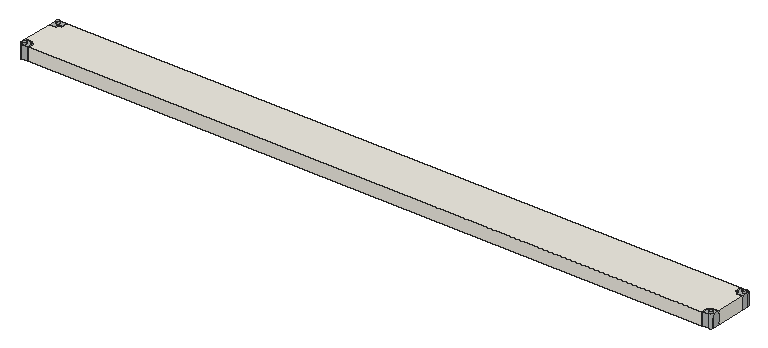
Revit family "HIGHTECH", category Осветительные приборы, Revit 2019 (continued)
Types (32, lengths in mm): name | Файл фотометрической сетки | built-in parameter 1150105 | Lumens | built-in parameter 1150106 | built-in parameter 1150142 | Wattage | Emit from Rectangle Width | Emit from Rectangle Length | Длина | Ширина | ADSK_Ток | ADSK_Полная мощность | ADSK_Обозначение | ADSK_Номинальная мощность | ADSK_Наименование | ADSK_Масса | ADSK_Код изделия
    8 0.098 0.000 0.000 0.000 0.000 \r\n1417.637 1417.044 1413.295 1407.474 1398.890 1388.135 1374.815 1358.437 1340.184 1319.661 1296.869 1271.808 1244.971 1216.258 1185.673 1153.507 1120.158 1085.131 \r\n1048.823 1011.329 973.046 933.284 893.127 851.884 810.741 768.314 725.888 683.165 639.752 596.240 552.728 509.019 465.902 422.686 379.371 337.044 295.505 254.757 215.388 176.909 \r\n138.232 103.698 70.942 40.157 12.136 0.592 0.592 0.592 0.493 0.493 0.493 0.493 0.493 0.493 0.493 0.395 0.395 0.395 0.395 0.395 0.395 0.395 0.395 0.296 0.296 0.296 0.296 0.296 0.296 0.296 0.296 0.197 \r\n0.197 0.197 0.197 0.197 0.197 0.197 0.197 0.098 0.098 0.098 0.098 0.098 0.098 0.098 0.098 0.000 0.000 0.000 0.000 \r\n1417.637 1416.946 1413.197 1407.376 1398.693 1387.839 1374.520 1358.042 1339.789 1319.168 1296.376 1271.315 1244.477 1215.765 1185.179 1152.915 1119.566 1084.539 \r\n1048.230 1010.638 972.356 932.594 892.436 851.194 810.050 767.623 725.197 682.474 639.160 595.649 552.038 508.427 465.310 422.094 378.878 336.550 295.111 254.362 214.895 176.514 \r\n137.935 103.403 70.744 39.960 11.939 0.592 0.592 0.592 0.493 0.493 0.493 0.493 0.493 0.493 0.493 0.395 0.395 0.395 0.395 0.395 0.395 0.395 0.395 0.296 0.296 0.296 0.296 0.296 0.296 0.296 0.296 0.197 \r\n0.197 0.197 0.197 0.197 0.197 0.197 0.197 0.098 0.098 0.098 0.098 0.098 0.098 0.098 0.098 0.000 0.000 0.000 0.000 \r\n1417.637 1416.946 1413.098 1407.178 1398.495 1387.544 1374.223 1357.747 1339.395 1318.773 1295.882 1270.822 1243.886 1215.174 1184.587 1152.323 1118.974 1083.848 \r\n1047.540 1009.947 971.665 931.903 891.746 850.503 809.359 766.933 724.507 681.784 638.470 594.958 551.445 507.836 464.718 421.502 378.287 336.057 294.617 253.967 214.500 176.119 \r\n137.640 103.106 70.447 39.762 11.741 0.592 0.592 0.592 0.493 0.493 0.493 0.493 0.493 0.493 0.493 0.395 0.395 0.395 0.395 0.395 0.395 0.395 0.395 0.296 0.296 0.296 0.296 0.296 0.296 0.296 0.296 0.197 \r\n0.197 0.197 0.197 0.197 0.197 0.197 0.197 0.098 0.098 0.098 0.098 0.098 0.098 0.098 0.098 0.000 0.000 0.000 0.000 \r\n1417.637 1416.848 1412.999 1407.079 1398.298 1387.247 1373.829 1357.352 1339.000 1318.378 1295.488 1270.327 1243.392 1214.680 1183.995 1151.731 1118.283 1083.257 \r\n1046.849 1009.257 970.975 931.113 891.055 849.813 808.668 766.242 723.914 681.093 637.779 594.266 550.755 507.145 464.126 421.009 377.793 335.564 294.222 253.474 214.105 175.823 \r\n137.343 102.810 70.250 39.467 11.445 0.592 0.592 0.592 0.493 0.493 0.493 0.493 0.493 0.493 0.493 0.395 0.395 0.395 0.395 0.395 0.395 0.395 0.395 0.296 0.296 0.296 0.296 0.296 0.296 0.296 0.296 0.197 \r\n0.197 0.197 0.197 0.197 0.197 0.197 0.197 0.098 0.098 0.098 0.098 0.098 0.098 0.098 0.098 0.000 0.000 0.000 0.000 \r\n1417.637 1416.848 1412.901 1406.882 1398.002 1387.051 1373.533 1356.957 1338.605 1317.983 1294.994 1269.834 1242.899 1214.089 1183.403 1151.041 1117.692 1082.665 \r\n1046.257 1008.566 970.284 930.423 890.266 849.121 807.978 765.552 723.224 680.403 637.187 593.675 550.163 506.553 463.534 420.416 377.300 335.071 293.729 253.079 213.712 175.429 \r\n136.949 102.515 69.954 39.269 11.248 0.592 0.592 0.592 0.493 0.493 0.493 0.493 0.493 0.493 0.493 0.395 0.395 0.395 0.395 0.395 0.395 0.395 0.395 0.296 0.296 0.296 0.296 0.296 0.296 0.296 0.296 0.197 \r\n0.197 0.197 0.197 0.197 0.197 0.197 0.197 0.098 0.098 0.098 0.098 0.098 0.098 0.098 0.098 0.000 0.000 0.000 0.000 \r\n1417.637 1416.749 1412.802 1406.684 1397.805 1386.754 1373.237 1356.661 1338.210 1317.589 1294.599 1269.341 1242.406 1213.496 1182.811 1150.448 1117.099 1081.974 \r\n1045.566 1007.974 969.593 929.732 889.575 848.333 807.287 764.861 722.533 679.712 636.496 592.985 549.472 505.960 462.942 419.825 376.707 334.577 293.236 252.684 213.317 175.034 \r\n136.652 102.218 69.659 39.072 11.051 0.592 0.592 0.592 0.493 0.493 0.493 0.493 0.493 0.493 0.493 0.395 0.395 0.395 0.395 0.395 0.395 0.395 0.395 0.296 0.296 0.296 0.296 0.296 0.296 0.296 0.296 0.197 \r\n0.197 0.197 0.197 0.197 0.197 0.197 0.197 0.098 0.098 0.098 0.098 0.098 0.098 0.098 0.098 0.000 0.000 0.000 0.000 \r\n1417.637 1416.749 1412.704 1406.586 1397.607 1386.458 1372.941 1356.266 1337.815 1317.095 1294.106 1268.848 1241.813 1213.003 1182.219 1149.856 1116.409 1081.382 \r\n1044.876 1007.283 968.902 929.042 888.885 847.642 806.597 764.170 721.843 679.120 635.806 592.293 548.881 505.368 462.351 419.332 376.214 334.084 292.841 252.191 212.922 174.738 \r\n136.357 101.922 69.461 38.776 10.853 0.592 0.592 0.592 0.493 0.493 0.493 0.493 0.493 0.493 0.493 0.395 0.395 0.395 0.395 0.395 0.395 0.395 0.395 0.296 0.296 0.296 0.296 0.296 0.296 0.296 0.296 0.197 \r\n0.197 0.197 0.197 0.197 0.197 0.197 0.197 0.098 0.098 0.098 0.098 0.098 0.098 0.098 0.098 0.000 0.000 0.000 0.000 \r\n1417.637 1416.650 1412.604 1406.389 1397.311 1386.162 1372.546 1355.871 1337.421 1316.701 1293.613 1268.355 1241.320 1212.411 1181.627 1149.265 1115.816 1080.691 \r\n1044.284 1006.593 968.212 928.351 888.194 846.951 805.906 763.479 721.151 678.429 635.213 591.702 548.190 504.777 461.758 418.740 375.721 333.591 292.348 251.796 212.527 174.343 \r\n135.962 101.627 69.165 38.579 10.557 0.592 0.592 0.592 0.493 0.493 0.493 0.493 0.493 0.493 0.493 0.395 0.395 0.395 0.395 0.395 0.395 0.395 0.395 0.296 0.296 0.296 0.296 0.296 0.296 0.296 0.296 0.197 \r\n0.197 0.197 0.197 0.197 0.197 0.197 0.197 0.098 0.098 0.098 0.098 0.098 0.098 0.098 0.098 0.000 0.000 0.000 0.000 \r\n1417.637 1416.650 1412.506 1406.191 1397.114 1385.866 1372.250 1355.576 1337.027 1316.307 1293.218 1267.861 1240.827 1211.918 1181.035 1148.672 1115.225 1080.099 \r\n1043.593 1005.902 967.620 927.660 887.503 846.260 805.215 762.789 720.461 677.739 634.523 591.011 547.598 504.086 461.166 418.247 375.129 333.098 291.855 251.401 212.132 173.948 \r\n135.666 101.429 68.968 38.381 10.360 0.592 0.592 0.592 0.493 0.493 0.493 0.493 0.493 0.493 0.493 0.493 0.395 0.395 0.395 0.395 0.395 0.395 0.395 0.296 0.296 0.296 0.296 0.296 0.296 0.296 0.296 0.197 \r\n0.197 0.197 0.197 0.197 0.197 0.197 0.197 0.098 0.098 0.098 0.098 0.098 0.098 0.098 0.098 0.000 0.000 0.000 0.000 \r\n1417.637 1416.650 1412.407 1406.093 1396.917 1385.669 1371.954 1355.181 1336.632 1315.912 1292.725 1267.368 1240.334 1211.325 1180.443 1147.982 1114.633 1079.409 \r\n1042.903 1005.212 966.929 926.969 886.812 845.569 804.524 762.098 719.770 677.048 633.832 590.320 546.907 503.494 460.574 417.654 374.636 332.603 291.460 250.908 211.738 173.653 \r\n135.371 101.133 68.671 38.086 10.163 0.592 0.592 0.592 0.493 0.493 0.493 0.493 0.493 0.493 0.493 0.493 0.395 0.395 0.395 0.395 0.395 0.395 0.395 0.296 0.296 0.296 0.296 0.296 0.296 0.296 0.296 0.197 \r\n0.197 0.197 0.197 0.197 0.197 0.197 0.197 0.098 0.098 0.098 0.098 0.098 0.098 0.098 0.098 0.000 0.000 0.000 0.000 \r\n1417.637 1416.551 1412.309 1405.895 1396.621 1385.373 1371.559 1354.786 1336.237 1315.419 1292.232 1266.875 1239.742 1210.733 1179.851 1147.390 1113.942 1078.816 \r\n1042.310 1004.521 966.238 926.279 886.121 844.879 803.834 761.408 719.080 676.357 633.240 589.728 546.315 502.902 459.982 417.062 374.043 332.110 290.967 250.513 211.343 173.258 \r\n135.074 100.837 68.376 37.888 9.965 0.592 0.592 0.592 0.493 0.493 0.493 0.493 0.493 0.493 0.493 0.493 0.395 0.395 0.395 0.395 0.395 0.395 0.395 0.296 0.296 0.296 0.296 0.296 0.296 0.296 0.296 0.197 \r\n0.197 0.197 0.197 0.197 0.197 0.197 0.197 0.098 0.098 0.098 0.098 0.098 0.098 0.098 0.098 0.000 0.000 0.000 0.000 \r\n1417.637 1416.551 1412.111 1405.796 1396.423 1385.077 1371.264 1354.391 1335.842 1315.024 1291.837 1266.382 1239.248 1210.240 1179.259 1146.798 1113.350 1078.126 \r\n1041.620 1003.831 965.548 925.588 885.431 844.090 803.143 760.717 718.389 675.666 632.549 589.038 545.723 502.310 459.390 416.569 373.550 331.617 290.474 250.119 210.948 172.863 \r\n134.679 100.541 68.178 37.591 9.669 0.592 0.592 0.592 0.493 0.493 0.493 0.493 0.493 0.493 0.493 0.493 0.395 0.395 0.395 0.395 0.395 0.395 0.395 0.296 0.296 0.296 0.296 0.296 0.296 0.296 0.296 0.197 \r\n0.197 0.197 0.197 0.197 0.197 0.197 0.197 0.098 0.098 0.098 0.098 0.098 0.098 0.098 0.098 0.000 0.000 0.000 0.000 \r\n1417.637 1416.453 1412.013 1405.600 1396.226 1384.781 1370.968 1354.095 1335.448 1314.629 1291.344 1265.888 1238.754 1209.648 1178.667 1146.206 1112.758 1077.534 \r\n1040.929 1003.140 964.857 924.898 884.740 843.400 802.453 760.026 717.698 674.976 631.859 588.446 545.032 501.718 458.798 415.977 373.057 331.124 290.079 249.625 210.553 172.567 \r\n134.383 100.245 67.883 37.394 9.472 0.592 0.592 0.592 0.493 0.493 0.493 0.493 0.493 0.493 0.493 0.493 0.395 0.395 0.395 0.395 0.395 0.395 0.395 0.296 0.296 0.296 0.296 0.296 0.296 0.296 0.296 0.197 \r\n0.197 0.197 0.197 0.197 0.197 0.197 0.197 0.098 0.098 0.098 0.098 0.098 0.098 0.098 0.098 0.000 0.000 0.000 0.000 \r\n1417.637 1416.453 1411.914 1405.402 1395.930 1384.583 1370.671 1353.701 1335.053 1314.234 1290.850 1265.395 1238.261 1209.155 1178.075 1145.515 1112.067 1076.844 \r\n1040.239 1002.548 964.167 924.207 883.951 842.708 801.762 759.336 717.008 674.383 631.267 587.755 544.441 501.126 458.206 415.385 372.465 330.631 289.585 249.231 210.160 172.172 \r\n134.088 99.949 67.685 37.198 9.275 0.592 0.592 0.592 0.493 0.493 0.493 0.493 0.493 0.493 0.493 0.493 0.395 0.395 0.395 0.395 0.395 0.395 0.395 0.296 0.296 0.296 0.296 0.296 0.296 0.296 0.296 0.197 \r\n0.197 0.197 0.197 0.197 0.197 0.197 0.197 0.098 0.098 0.098 0.098 0.098 0.098 0.098 0.098 0.000 0.000 0.000 0.000 \r\n1417.637 1416.354 1411.816 1405.303 1395.733 1384.288 1370.276 1353.307 1334.658 1313.741 1290.456 1264.901 1237.669 1208.563 1177.582 1144.923 1111.476 1076.252 \r\n1039.646 1001.857 963.476 923.417 883.260 842.018 801.072 758.644 716.317 673.693 630.576 587.064 543.749 500.435 457.614 414.891 371.972 330.137 289.191 248.836 209.765 171.778 \r\n133.693 99.653 67.389 36.901 9.077 0.592 0.592 0.592 0.493 0.493 0.493 0.493 0.493 0.493 0.493 0.493 0.395 0.395 0.395 0.395 0.395 0.395 0.395 0.296 0.296 0.296 0.296 0.296 0.296 0.296 0.296 0.197 \r\n0.197 0.197 0.197 0.197 0.197 0.197 0.197 0.098 0.098 0.098 0.098 0.098 0.098 0.098 0.098 0.000 0.000 0.000 0.000 \r\n" | 25.582 W | 255 | 1155 | 1195 | 295 | 0.179584 A | 41.3043 VA | "Hightech-38/opal-sand 295х1195 (IP54, 4000К, белый)" | 38 W | "Универсальный светодиодный светильник Hightech-38/opal-sand 295х1195 (IP54, 4000К, белый)" | 2.5 | "ЦБ000007604"
